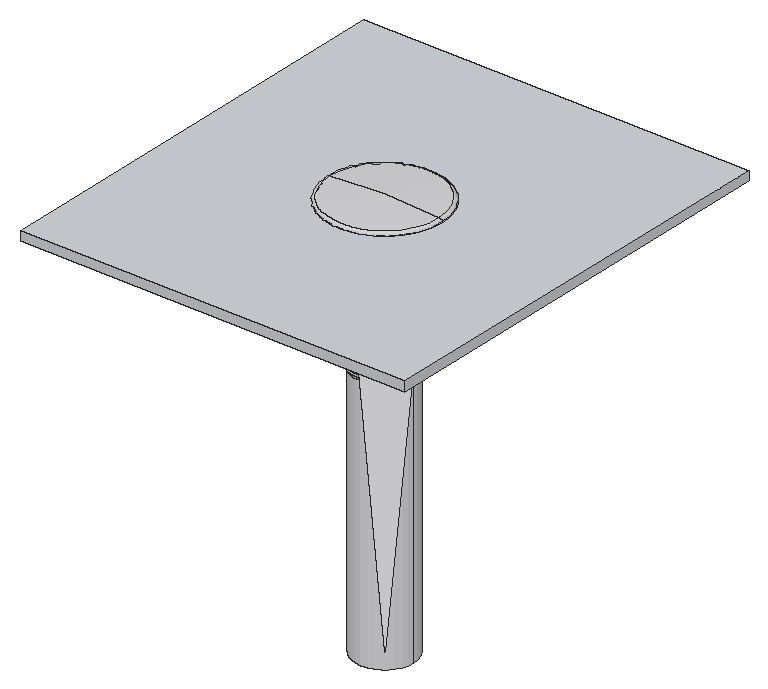
Revit family "01-3211-11 DESAGÜE PUSH CORTO CON REBOSE", category Aparatos sanitarios, Revit 2020
Family settings
  Cota de conector redondo = Diámetro de uso
  Tipo de pieza = Normal
  Número OmniClass = 23.45.00.00
  Título OmniClass = Sanitary, Laundry, and Cleaning Equipment
  Se basa en plano de trabajo = No
  Siempre vertical = Sí
  Corte con vacíos al cargar = No
  Compartido = No
  Punto de cálculo de habitación = No
Parameters
  Weight Net (Kg) = "6.60Kg"
  Plastico - ABS Cromado = Plastico - ABS Cromado
  Metal Laton Cromado = Metal Laton Cromado
  Default Elevation = 0.0 mm
  Waste Connection = no
  Vent Connection = no
  Type Comments = ""
  Nominal width = "370"
  Nominal height = "130"
  Model = ""
  Manufacturer = ""
  Keynote = ""
  HW Connection = no
  Cost = 0
  CW Connection = no
  Caucho = Caucho
Reference planes
  plane 1 "Center (Front/Back)": y = 0
  plane 2: z = 0
  plane 3 "Center (Left/Right)": x = 0
  plane 4 "11": x = -31.5
  plane 5: x = -16
  plane 6: x = 31.5
  plane 7 "13": y = 55
  plane 8 "14": y = -55
  plane 9 "mr": y = 48.658
  plane 10: x = 16
  plane 11 "16": z = -224
Forms (mm)
  Revolve 1, solid, material "Metal Laton Cromado" <- "Metal Laton Cromado"
    sketch origin (0.449, -0.057, -37.001) x (1, 0, 0) y (0, 0, 1)
      loop
        line (-17.98, 1.803) -> (-18.849, 1.803) -> (-18.849, 0.561) -> (-17.98, 0.561) -> (-17.98, -0.227) -> (-18.849, -0.227) -> (-18.849, -1.391) -> (-17.98, -1.391) -> (-17.98, -2.257) -> (-18.849, -2.257) -> (-18.849, -3.422) -> (-17.98, -3.422) -> (-17.98, -4.365) -> (-18.849, -4.365) -> (-18.849, -5.53) -> (-17.98, -5.53) -> (-17.98, -6.395) -> (-18.849, -6.395) -> (-18.849, -7.56) -> (-17.98, -7.56) -> (-17.98, -8.504) -> (-18.849, -8.504) -> (-18.849, -10.424) -> (-0.449, -10.424) -> (-0.449, 5.09) -> (-17.98, 5.09) -> (-17.98, 3.911) -> (-18.849, 3.911) -> (-18.849, 2.747) -> (-17.98, 2.747) -> (-17.98, 1.803)
      axis (-0.449, 5.09) -> (-0.449, -10.424)
    angle from 0 to 360
  Revolve 2, solid, material "Plastico - ABS Cromado" <- "Plastico - ABS Cromado"
    sketch origin (-0.032, -0.057, -107.117) x (1, 0, 0) y (0, 0, 1)
      loop
        line (-15.968, 30.117) -> (-15.968, -116.883) -> (-0.093, -116.883) -> (-0.093, 30.117) -> (-15.968, 30.117)
      axis (0.032, 30.117) -> (0.032, -116.883)
    angle from 0 to 360
  Revolve 3, solid, material "Metal Laton Cromado" <- "Metal Laton Cromado"
    sketch origin (0.003, 0, 12.646) x (1, 0, 0) y (0, 0, 1)
      loop
        line (31.452, -16.522) -> (31.452, -15.466)
        arc (31.452, -15.466) -> (30.833, -14.486) -> (29.738, -14.103) r 1.759
        arc (29.738, -14.103) -> (14.886, -13.01) -> (0, -12.596) r 326.242
        line (0, -12.596) -> (0, -16.522) -> (31.452, -16.522)
      axis (0, -16.522) -> (0, -12.596)
    angle from 0 to 360
  Revolve 4, solid, material "Caucho" <- "Caucho"
    sketch origin (0.003, 0, -15.365) x (1, 0, 0) y (0, 0, 1)
      loop
        line (-20.134, -51.315) -> (-20.134, -43.12) -> (-29.12, -43.12) -> (-29.12, -51.315) -> (-20.134, -51.315)
      axis (-0.003, -43.12) -> (-0.003, -51.315)
    angle from 0 to 360
  Revolve 5, solid, material "Caucho" <- "Caucho"
    sketch origin (0.003, 0, -22.24) x (1, 0, 0) y (0, 0, 1)
      loop
        line (-31.503, -31.839) -> (-31.503, -33.95) -> (-30.619, -33.95) -> (-30.619, -36.233) -> (-19.377, -36.233) -> (-19.377, -25.184) -> (-24.426, -25.184) -> (-29.462, -31.839) -> (-31.503, -31.839)
      axis (-0.003, -36.233) -> (-0.003, -25.184)
    angle from 0 to 360
  Revolve 6, solid, material "Metal Laton Cromado" <- "Metal Laton Cromado"
    sketch origin (0.449, -0.057, -88.101) x (1, 0, 0) y (0, 0, 1)
      loop
        line (-17.457, 9.059) -> (-18.326, 9.059) -> (-18.326, 7.972) -> (-17.457, 7.972) -> (-17.457, 7.185) -> (-18.326, 7.185) -> (-18.326, 6.02) -> (-17.457, 6.02) -> (-17.457, 4.463) -> (-0.446, 4.463) -> (-0.446, 21.421) -> (-18.326, 21.421) -> (-18.326, 20.257) -> (-17.457, 20.257) -> (-17.457, 19.313) -> (-18.326, 19.313) -> (-18.326, 18.226) -> (-17.457, 18.226) -> (-17.457, 17.439) -> (-18.326, 17.439) -> (-18.326, 16.171) -> (-17.457, 16.171) -> (-17.457, 15.384) -> (-18.326, 15.384) -> (-18.326, 14.297) -> (-17.457, 14.297) -> (-17.457, 13.354) -> (-18.326, 13.354) -> (-18.326, 12.189) -> (-17.457, 12.189) -> (-17.457, 11.167) -> (-18.326, 11.167) -> (-18.326, 10.003) -> (-17.457, 10.003) -> (-17.457, 9.059)
      axis (-0.446, 4.463) -> (-0.446, 21.421)
    angle from 0 to 360
  Revolve 7, solid, material "Metal Laton Cromado" <- "Metal Laton Cromado"
    sketch origin (0.003, 0, 28.514) x (1, 0, 0) y (0, 0, 1)
      loop
        line (-12.878, -60.425) -> (-12.878, -44.873) -> (-31.503, -44.873) -> (-31.503, -47.029)
        arc (-31.503, -47.029) -> (-26.848, -47.833) -> (-22.878, -50.394) r 11.842
        line (-22.878, -50.394) -> (-22.878, -60.425) -> (-12.878, -60.425)
      axis (0, -44.873) -> (0, -60.425)
    angle from 0 to 360
  Revolve 8, solid, material "Caucho" <- "Caucho"
    sketch origin (0, 0, 0) x (1, 0, 0) y (0, 0, 1)
      loop
        line (-11.589, -16.359) -> (-7.497, -16.359) -> (-7.497, -3.878) -> (-11.589, -3.878) -> (-11.589, -5.384) -> (-14.835, -5.384) -> (-18.262, -7.783) -> (-22.341, -7.783) -> (-22.341, -9.44) -> (-21.15, -10.631) -> (-13.464, -10.631) -> (-13.464, -12.58) -> (-11.589, -14.331) -> (-11.589, -16.359)
      axis (0, -16.359) -> (0, -3.878)
    angle from 0 to 360
  Extrusion 9, solid
    sketch origin (-103.73, -104.868, -7.783) x (-1, 0, 0) y (0, -1, 0)
      loop
        line (-209.079, -221.665) -> (0.921, -221.665) -> (0.921, 13.335) -> (-209.079, 13.335) -> (-209.079, -221.665)
    from 0 to 5
Dimensions and locks
  locked: plane 8 "14" to plane 7 "13" at 110
  plane 8 "14" to plane 1 "Center (Front/Back)" = 55.0 mm
  plane 3 "Center (Left/Right)" to plane 5 = 16.0 mm  (x2)
  plane 10 to plane 3 "Center (Left/Right)" = 16.0 mm
  plane 10 to plane 5 = 32.0 mm  (x2)
  equal spacing: plane 10, plane 3 "Center (Left/Right)", plane 5  (x2)
  plane 4 "11" to plane 6 = 63.0 mm
  plane 6 to plane 4 "11" = 63.0 mm  (x2)
  plane 11 "16" to level = 224.0 mm
  equal spacing: plane 6, plane 3 "Center (Left/Right)", plane 4 "11"
  level to plane 11 "16" = 224.0 mm  (x2)
  Revolve 2 sketch curve to Revolve 2 sketch curve = 15.875 mm
  plane 6 to plane 3 "Center (Left/Right)" = 31.5 mm
  aligned and locked: level to plane 2
Automatic sketch dimensions
  Revolve 2 sketch curve to plane 11 "16" = 0.0 mm
  Revolve 2 sketch curve to plane 5 = 0.0 mm
  Revolve 2 sketch curve to level = 77.0 mm
  plane 3 "Center (Left/Right)" to Revolve 2 sketch curve = 0.0 mm
  Revolve 2 sketch curve to Revolve 2 sketch curve = 45.035 mm
  Revolve 2 sketch curve to Revolve 2 sketch curve = 2.833 mm
  Revolve 4 sketch curve to plane 3 "Center (Left/Right)" = 0.0 mm
  Revolve 4 sketch curve to plane 5 = 4.131 mm
  plane 4 "11" to Revolve 4 sketch curve = 2.383 mm
  Revolve 4 sketch curve to level = 66.68 mm
  Revolve 4 sketch curve to Revolve 4 sketch curve = 8.196 mm
  Revolve 4 sketch curve to Revolve 4 sketch curve = 9.332 mm
  Revolve 4 sketch curve to Revolve 4 sketch curve = 6.705 mm
  plane 4 "11" to Revolve 6 sketch curve = 13.623 mm  (x2)
  Revolve 6 sketch curve to Revolve 6 sketch curve = 0.0 mm  (x6)
  Revolve 6 sketch curve to Revolve 6 sketch curve = 0.869 mm  (x8)
  plane 3 "Center (Left/Right)" to Revolve 6 sketch curve = 0.003 mm  (x2)
  Revolve 6 sketch curve to level = 83.638 mm
  Revolve 6 sketch curve to Revolve 6 sketch curve = 1.557 mm
  Revolve 6 sketch curve to Revolve 6 sketch curve = 1.165 mm  (x4)
  Revolve 6 sketch curve to Revolve 6 sketch curve = 0.788 mm  (x3)
  Revolve 6 sketch curve to Revolve 6 sketch curve = 1.086 mm  (x3)
  Revolve 6 sketch curve to Revolve 6 sketch curve = 0.944 mm  (x3)
  Revolve 6 sketch curve to Revolve 6 sketch curve = 1.022 mm
  Revolve 6 sketch curve to Revolve 6 sketch curve = 1.268 mm
  Revolve 6 sketch curve to Revolve 6 sketch curve = 11.918 mm
  Revolve 6 sketch curve to Revolve 6 sketch curve = 7.859 mm
  Revolve 5 sketch curve to plane 4 "11" = 0.0 mm
  Revolve 5 sketch curve to plane 3 "Center (Left/Right)" = 0.0 mm
  plane 4 "11" to Revolve 5 sketch curve = 0.884 mm
  plane 4 "11" to Revolve 5 sketch curve = 2.041 mm
  plane 4 "11" to Revolve 5 sketch curve = 7.077 mm
  Revolve 5 sketch curve to plane 5 = 3.374 mm
  Revolve 5 sketch curve to level = 58.473 mm
  Revolve 5 sketch curve to Revolve 5 sketch curve = 2.283 mm
  Revolve 5 sketch curve to Revolve 5 sketch curve = 11.049 mm
  Revolve 5 sketch curve to Revolve 5 sketch curve = 4.903 mm
  Revolve 5 sketch curve to Revolve 5 sketch curve = 4.286 mm
  Revolve 5 sketch curve to Revolve 5 sketch curve = 2.111 mm
  Revolve 1 sketch curve to plane 3 "Center (Left/Right)" = 0.0 mm  (x2)
  Revolve 1 sketch curve to plane 5 = 1.531 mm  (x2)
  Revolve 1 sketch curve to Revolve 1 sketch curve = 0.0 mm  (x8)
  Revolve 1 sketch curve to Revolve 1 sketch curve = 0.869 mm  (x4)
  Revolve 1 sketch curve to level = 47.425 mm
  Revolve 1 sketch curve to Revolve 1 sketch curve = 1.92 mm
  Revolve 1 sketch curve to Revolve 1 sketch curve = 0.944 mm  (x3)
  Revolve 1 sketch curve to Revolve 1 sketch curve = 1.165 mm  (x5)
  Revolve 1 sketch curve to Revolve 1 sketch curve = 0.866 mm  (x2)
  Revolve 1 sketch curve to Revolve 1 sketch curve = 0.788 mm
  Revolve 1 sketch curve to Revolve 1 sketch curve = 1.243 mm
  Revolve 1 sketch curve to Revolve 1 sketch curve = 1.178 mm
  Revolve 1 sketch curve to Revolve 1 sketch curve = 1.215 mm
  Revolve 1 sketch curve to Revolve 1 sketch curve = 1.727 mm
  Revolve 7 sketch curve to plane 4 "11" = 0.0 mm
  plane 4 "11" to Revolve 7 sketch curve = 0.351 mm
  Revolve 7 sketch curve to plane 5 = 6.875 mm
  plane 5 to Revolve 7 sketch curve = 3.125 mm
  Revolve 7 sketch curve to level = 31.911 mm
  Revolve 7 sketch curve to Revolve 7 sketch curve = 1.56 mm
  Revolve 7 sketch curve to Revolve 7 sketch curve = 10.032 mm
  Revolve 7 sketch curve to Revolve 7 sketch curve = 5.521 mm
  plane 3 "Center (Left/Right)" to Revolve 7 sketch curve = 0.003 mm
  Revolve 7 sketch curve to Revolve 7 sketch curve = 6.704 mm
  Revolve 7 sketch curve to Revolve 7 sketch curve = 5.724 mm
  Revolve 8 sketch curve to plane 3 "Center (Left/Right)" = 0.0 mm
  Revolve 8 sketch curve to level = 3.878 mm
  Revolve 8 sketch curve to plane 3 "Center (Left/Right)" = 7.497 mm
  Revolve 8 sketch curve to Revolve 8 sketch curve = 4.092 mm  (x2)
  plane 5 to Revolve 8 sketch curve = 2.536 mm
  plane 5 to Revolve 8 sketch curve = 1.165 mm
  Revolve 8 sketch curve to plane 5 = 2.262 mm
  Revolve 8 sketch curve to Revolve 8 sketch curve = 2.889 mm
  Revolve 8 sketch curve to Revolve 8 sketch curve = 1.191 mm  (x2)
  Revolve 8 sketch curve to Revolve 8 sketch curve = 1.506 mm
  Revolve 8 sketch curve to Revolve 8 sketch curve = 2.399 mm
  Revolve 8 sketch curve to Revolve 8 sketch curve = 1.657 mm
  Revolve 8 sketch curve to Revolve 8 sketch curve = 1.949 mm
  Revolve 8 sketch curve to Revolve 8 sketch curve = 1.75 mm
  Revolve 8 sketch curve to Revolve 8 sketch curve = 2.028 mm
  Revolve 8 sketch curve to Revolve 8 sketch curve = 3.56 mm
  Revolve 8 sketch curve to level = 0.612 mm
  Revolve 3 sketch curve to plane 3 "Center (Left/Right)" = 1.627 mm
  plane 3 "Center (Left/Right)" to Revolve 3 sketch curve = 0.003 mm  (x2)
  Revolve 3 sketch curve to plane 6 = 1.759 mm
  Revolve 3 sketch curve to plane 6 = 0.045 mm
  Revolve 3 sketch curve to plane 11 "16" = 102.187 mm
  Revolve 3 sketch curve to level = 3.876 mm
  Revolve 3 sketch curve to Revolve 3 sketch curve = 0.66 mm
  level to Revolve 3 sketch curve = 0.05 mm
  Revolve 3 sketch curve to Revolve 3 sketch curve = 0.209 mm
  Revolve 3 sketch curve to Revolve 3 sketch curve = 5.472 mm
  plane 6 to Extrusion 9 sketch curve = 73.849 mm
  Extrusion 9 sketch curve to plane 4 "11" = 73.151 mm
  Extrusion 9 sketch curve to plane 7 "13" = 61.797 mm
  plane 8 "14" to Extrusion 9 sketch curve = 63.203 mm
